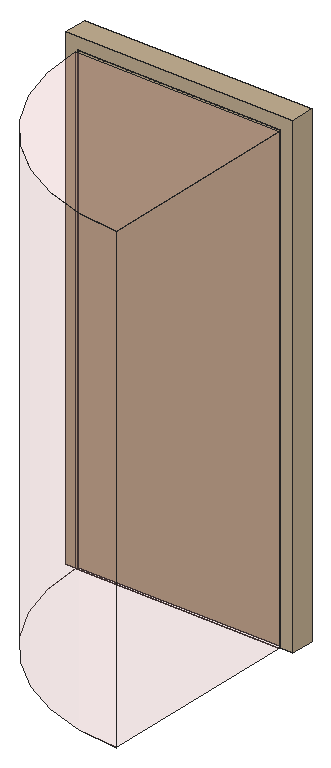
Revit family "ASSA ABLOY - DREW AKUSTIK EI30-1, non-rebated, single-leaf, wood block frame", category Doors, host Wall, Revit 2021
Family settings
  Host = Wall
  OmniClass Number = 23.30.10.00
  OmniClass Title = Doors
  Always vertical = Yes
  Cut with Voids When Loaded = No
  Shared = No
  Room Calculation Point = No
Parameters (values of type "800 x 2000 (808 x 2006)")
  URL = "https://www.assaabloy.com/pl/pl"
  Type Comments = "Wooden leaf core covered both sides with HDF boards or chipboards. Non-rebated door."
  Symbol Radius = Door Leaf Width + 10.000 mm  # 881.250 mm
  Rough Width Conversion = 182.000 mm  # constant formula
  Rough Width Adjustment = 0.000 mm  # constant formula
  Rough Height Real = Height Round + Rough Height Conversion + Rough Height Adjustment  # 2064.000 mm
  Rough Height Conversion = 64.000 mm  # constant formula
  Rough Height Adjustment = 0.000 mm  # constant formula
  Resset Value [instance] = 0.000 mm
  Opening Zone [instance] = yes
  Model = "Doorset_Premium Timber Door/ Wireless Card Reader_ASSA ABLOY Opening Solutions_Hardware 3D"
  Hinges Material = Default steel
  HW Item 8 = "1x Incedo: Access Control Set, incl. HUB AHxx_ASSA ABLOY (option)"
  Frame Finish [instance] = ""
  Fire Rating = "EI30"  # constant formula
  Door Finish Push Side [instance] = ""
  Door Finish Pull Side [instance] = ""
  Width Round = roundup((Width / 5.000 mm)) * 5.000 mm  # 800.000 mm
  Thickness = 57.000 mm  # constant formula
  Smoke Rating = "n/a"
  Rough Width = Width Round + 8.000 mm + Rough Width Conversion + Rough Width Adjustment  # 990.000 mm
  Rough Height = Height Round + 6.000 mm + Rough Height Conversion + Rough Height Adjustment  # 2070.000 mm
  Readme = "The actual lintel height is consistent with the Rough Height parameter.\nThe final HW Set should be consistent with the function of the door and its  parameters.\nHardware mounted on door surface may affect the clear passage opening. For verification, please contact the specification department."
  Provider = "ASSA ABLOY Opening Solutions"
  Product Group = "Single-Wood-Non rebated-Access Control"
  Name = "Premium Timber Door/ Wireless Card Reader"
  Min Door Width = 800.000 mm
  Min Door Height = 2000.000 mm
  Mechanical Strength = 3
  Max Door Width = 900.000 mm
  Max Door Height = 2195.000 mm
  Manufacturer = "ASSA ABLOY"  # constant formula
  IfcExportType = "USERDEFINED"
  IfcExportAs = "IfcDoorType"
  Rough Width Real = Width Round + Rough Width Conversion + Rough Width Adjustment  # 982.000 mm
  Height Round = roundup((Height / 5.000 mm)) * 5.000 mm  # 2000.000 mm
  Hardware Set = "1.22PL"
  HW Item 7 = "1x 206253: Vercy door stopper, max 120 kg_ASSA ABLOY (option) "
  HW Item 6 = "1x SK6 Radius: euro profile cylinder_IKON"
  HW Item 5 = "1x E100 long plate, PZPZ: WIRELESS, built-in RFID reader (pinpad in option) and Bluetooth module_ASSA ABLOY"
  HW Item 4 = "1x EL160: mechanical mortice lockcase with automatic dead locking system_ABLOY"
  HW Item 3 = "1x A153: mechanical opening damper_ASSA ABLOY (option)"
  HW Item 2 = "1x DC893: concealed door closer guide rail_ASSA ABLOY"
  HW Item 1 = "1x DC860/ DC840: concealed door closer, Cam-Motion®_ASSA ABLOY"
  Function = Interior
  Height = 2000.000 mm
  Wall Closure = By host
  Width = 800.000 mm
  Frame Type = "Door frame made of glued wood."
  Frame Material = Default wood
  Family name = "1.22_DOORSET_DREW AKUSTIK Dp 30-1_SINGLE-LEAF_BLOCK FRAME_ASSA ABLOY PL"
  Environmental Product Declaration (EPD) = "To be confirmed with Provider"  # constant formula
  Environmental Management System = "To be confirmed with Provider"  # constant formula
  Edition number = "1"
  Door Type = "DREW AKUSTIK Dp 30-1"
  Door Material = Default wood
  Door Leaf Width = Width Round + 71.250 mm  # 871.250 mm
  Description = "DREW AKUSTIK Dp 30-1, wooden leaf core covered both sides with HDF boards or chipboards. Non-rebated door. Leaf finished with veneer, laminate or RAL painting. Stainless steel hinges with 3D regulation and drop-down seal. Mechanical durability – class C4 according to PN-EN 16034:2014. Mechanical strength – class 3 according to PN-EN 1192:2001. Acoustic rating - Rw=43dB according to PN-EN ISO 10140-2:2011. Door frame made of glued wood."
  Date of publishing = ""
  Contact Provider = "https://www.assaabloy.com/pl/pl/solutions/topics/bim-specification/contact"
  Brand = "ASSA ABLOY Mercor Doors Sp. z o. o."  # constant formula
  Author = "www.archispace.pl"
Types (4, lengths in mm): name | Symbol Radius | Rough Height Real | Width Round | Rough Width | Rough Height | Rough Width Real | Height Round | Height | Width | Door Leaf Width
  800 x 2100 (808 x 2106) | 881.250 | 2164.000 | 800.000 | 990.000 | 2170.000 | 982.000 | 2100.000 | 2100.000 | 800.000 | 871.250
  900 x 2100 (908 x 2106) | 981.250 | 2164.000 | 900.000 | 1090.000 | 2170.000 | 1082.000 | 2100.000 | 2100.000 | 900.000 | 971.250
  900 x 2195 (908 x 2201) | 981.250 | 2259.000 | 900.000 | 1090.000 | 2265.000 | 1082.000 | 2195.000 | 2195.000 | 900.000 | 971.250
  800 x 2000 (808 x 2006) | 881.250 | 2064.000 | 800.000 | 990.000 | 2070.000 | 982.000 | 2000.000 | 2000.000 | 800.000 | 871.250
Reference planes
  plane 1: y = 0
  plane 2 "Center (Left/Right)": x = 0
  plane 3: z = 2070
  plane 4 "Exterior": y = 120
  plane 5 "Interior": y = -120
  plane 6: x = -491
  plane 7: x = 491
  plane 8: z = 2000
  plane 9: x = -495
  plane 10: x = 495
  plane 11: y = -120
  plane 12: y = -18
  plane 13: y = -132
  plane 14: z = 5
  plane 15: y = -142
  plane 16: x = -373
  plane 17: x = 427
  plane 18: z = 2010
  plane 19: y = -57
  plane 20: y = -61
  plane 21: x = 442.5
  plane 22: z = 2064
  plane 23: z = 5
Forms (mm)
  Sweep 1, solid, material "Default wood" <- "Frame Material"
    path origin (0, -120, 0) x (1, 0, 0) y (0, 0, 1)
      loop
        line (-491, 0) -> (-491, 2064) -> (491, 2064) -> (491, 0)
    profile origin (-491, -120, 1032) x (-1, 0, 0) y (0, -1, 0)
      loop
        line (0, 0) -> (-52, 0) -> (-52, -59) -> (-45, -59) -> (-45, -63) -> (-64, -63) -> (-64, -102) -> (0, -102) -> (0, 0)
  Sweep 2, solid, material "Opening zone", visible <- "Opening Zone"
    path origin (-5031, 0, 0) x (-1, 0, 0) y (0, 0, 1)
      loop
        line (-5031, 5) -> (-5031, 2010)
    profile origin (0, 0, 1007.5) x (1, 0, 0) y (0, 1, 0)
      loop
        line (442.5, -132) -> (-438.75, -132)
        arc (-438.75, -132) -> (-180.638, -755.138) -> (442.5, -1013.25) r 881.25
        line (442.5, -1013.25) -> (442.5, -132)
  Sweep 3, solid, material "Default wood" <- "Door Material"
    path origin (-5000, 0, 0) x (-1, 0, 0) y (0, 0, 1)
      loop
        line (-5000, 2010) -> (-5000, 5)
    profile origin (0, 0, 1007.5) x (0, 1, 0) y (-1, 0, 0)
      loop
        line (-119.5, -432.5) -> (-84.5, -432.5) -> (-84.5, -436) -> (-62.5, -436) -> (-62.5, 432.25) -> (-119.5, 435.25) -> (-119.5, -432.5)
Lines and regions (mm)
  Opening 1
    outline origin (-3050, -120, 0) x (1, 0, 0) y (0, 0, 1)
      loop
        line (2555, 0) -> (3545, 0) -> (3545, 2070) -> (2555, 2070) -> (2555, 0)
  Masking region 1, detail levels medium
    outline origin (-1132.682, -300, 2037) x (-1, 0, 0) y (0, -1, 0)
      loop
        line (-641.682, -282) -> (-641.682, -180) -> (-705.682, -180) -> (-705.682, -282) -> (-641.682, -282)
      loop
        line (-1623.682, -180) -> (-1623.682, -282) -> (-1559.682, -282) -> (-1559.682, -180) -> (-1623.682, -180)
  Masking region 2, detail levels fine
    outline origin (-1132.682, -300, 2037) x (-1, 0, 0) y (0, -1, 0)
      loop
        line (-641.682, -282) -> (-641.682, -180) -> (-693.682, -180) -> (-693.682, -239) -> (-686.682, -239) -> (-686.682, -243) -> (-705.682, -243) -> (-705.682, -282) -> (-641.682, -282)
      loop
        line (-1623.682, -282) -> (-1559.682, -282) -> (-1559.682, -243) -> (-1578.682, -243) -> (-1578.682, -239) -> (-1571.682, -239) -> (-1571.682, -180) -> (-1623.682, -180) -> (-1623.682, -282)
  Masking region 3, detail levels fine
    outline origin (-1132.682, -300, 2037) x (-1, 0, 0) y (0, -1, 0)
      loop
        circle (-1575.182, -168) r 11
  symbolic lines, style "Elevation Swing"
    curve 1: line (474.75, -120, 1035) -> (-491, -120, 2064)
    curve 2: line (474.75, -120, 1035) -> (-491, -120, 5)
Text (mm)
  text "Exterior" at (-1376.75, 1099.543, 0), in view "Ref. Level"
  text "Exterior" at (0, 1615.38, 3698.081), in view "Left"
  text "Exterior" at (0, 1036.032, 3874.932), in view "Right"
Dimensions and locks
  "Rough Height": plane 3 to host wall
  equal spacing: host wall, curve 2, plane 3
  host wall to plane 3 = 2070.000 mm
  locked: plane 4 "Exterior" to host wall
  locked: plane 5 "Interior" to host wall
  equal spacing: plane 6, plane 2 "Center (Left/Right)", plane 7
  "Rough Width Real": plane 6 to plane 7
  "Height": plane 8 to level
  equal spacing: plane 9, plane 2 "Center (Left/Right)", plane 10
  "Rough Width": plane 9 to plane 10
  Masking region 2 sketch curve to plane 7 = 64.000 mm
  plane 9 to plane 10 = 990.000 mm
  locked: Masking region 1 sketch curve to Masking region 1 sketch curve at 64
  locked: Masking region 1 sketch curve to plane 7 at 64
  locked: level to Sweep 3 sketch curve at 5
  "Resset Value": plane 5 "Interior" to plane 11
  locked: plane 12 to plane 11 at 102
  locked: Masking region 2 sketch curve to Masking region 2 sketch curve at 64
  locked: Masking region 2 sketch curve to Masking region 2 sketch curve at 12
  locked: plane 11 to plane 13 at 12
  Sweep 1 sketch curve to Sweep 1 sketch curve = 64.000 mm
  locked: Masking region 2 sketch curve to Masking region 2 sketch curve at 63
  locked: Sweep 3 sketch curve to plane 11 at 0.5
  locked: Sweep 3 sketch curve to Sweep 3 sketch curve at 57
  Sweep 1 to Sweep 1 = 64.000 mm
  locked: plane 15 to plane 13 at 10
  level to plane 3 = 2070.000 mm
  plane 8 to level = 2000.000 mm  (x2)
  locked: plane 6 to plane 16 at 118
  locked: plane 17 to plane 7 at 64
  locked: plane 6 to Masking region 2 sketch curve at 52
  locked: plane 6 to Masking region 2 sketch curve at 45
  locked: Masking region 2 sketch curve to plane 7 at 52
  locked: Masking region 2 sketch curve to plane 7 at 45
  locked: plane 20 to plane 11 at 59
  locked: plane 19 to plane 20 at 4
  locked: Sweep 3 sketch curve to plane 7 at 55
  locked: Sweep 3 sketch curve to plane 7 at 58.5
  Sweep 3 sketch curve to plane 11 = 35.500 mm
  locked: plane 21 to plane 7 at 48.5
  "Rough Height Real": plane 22 to level
  locked: plane 22 to plane 18 at 54
  locked: plane 23 to level at 5
  locked: plane 6 to Sweep 1 sketch curve at 45
  locked: plane 6 to Sweep 1 sketch curve at 52
  locked: plane 6 to Sweep 3 sketch curve at 58.75
  locked: plane 6 to Sweep 3 sketch curve at 55.75
  "Symbol Radius": radius of Sweep 2 sketch curve
  aligned and locked: Opening 1 sketch curve to level
  aligned and locked: plane 1 to host wall
  aligned and locked: level to Sweep 1 sketch curve  (x2)
  aligned and locked: Sweep 1 sketch curve to plane 6
  aligned and locked: plane 7 to Sweep 1 sketch curve
  aligned and locked: Masking region 2 sketch curve to plane 7
  aligned and locked: plane 9 to Opening 1 sketch curve
  aligned and locked: plane 10 to Opening 1 sketch curve
  aligned and locked: Masking region 1 sketch curve to plane 12
  aligned and locked: plane 11 to Masking region 1 sketch curve
  aligned and locked: plane 12 to Masking region 1 sketch curve
  aligned and locked: Masking region 1 sketch curve to plane 11
  aligned and locked: plane 12 to Sweep 1 sketch curve
  aligned and locked: Sweep 1 sketch curve to plane 11
  aligned and locked: Masking region 2 sketch curve to Masking region 1
  aligned and locked: Masking region 1 to Masking region 2 sketch curve
  aligned and locked: Masking region 2 sketch curve to plane 6
  aligned and locked: Masking region 1 sketch curve to plane 6
  aligned and locked: plane 13 to Masking region 3 sketch curve
  aligned and locked: Masking region 1 sketch curve to plane 7
  aligned and locked: Masking region 2 sketch curve to plane 11
  aligned and locked: plane 20 to Masking region 2 sketch curve
  aligned and locked: Masking region 2 sketch curve to plane 19
  aligned and locked: plane 19 to Masking region 2 sketch curve
  aligned and locked: Masking region 2 sketch curve to plane 20
  aligned and locked: plane 21 to Masking region 3 sketch curve
  aligned and locked: Sweep 2 sketch curve to Sweep 2 sketch curve
  aligned and locked: plane 21 to Sweep 2 sketch curve
  aligned and locked: plane 13 to Sweep 2 sketch curve
  aligned and locked: Sweep 1 sketch curve to plane 22
  aligned and locked: plane 18 to Sweep 3 sketch curve
  aligned and locked: plane 18 to Sweep 2 sketch curve
  aligned and locked: plane 2 "Center (Left/Right)" to Sweep 2 sketch curve
  aligned and locked: plane 23 to Sweep 2 sketch curve
  aligned and locked: plane 20 to Sweep 1 sketch curve
  aligned and locked: Sweep 1 sketch curve to plane 19
  aligned and locked: nested 1 to plane 2 "Center (Left/Right)"
  aligned and locked: nested 1 to plane 11
  aligned and locked: plane 6 to curve 1
  aligned and locked: plane 22 to curve 1
  aligned and locked: plane 6 to curve 2
  aligned and locked: plane 23 to curve 2
Automatic sketch dimensions
  Opening 1 sketch curve to plane 3 = 0.000 mm
  Sweep 3 sketch curve to plane 2 "Center (Left/Right)" = 0.000 mm
  Sweep 1 sketch curve to profile plane = 0.000 mm
  plane 7 to curve 2 = 16.250 mm
  radius of Masking region 3 sketch curve = 11.000 mm
Nested families
  nested 1: "Detail_Door symbol" at (0, -120, 2037), type "Detail_Door symbol"
Definition of nested family "Detail_Door symbol"
  Parameters (values of type "Detail_Door symbol")
    Symbol Radius = 981.250 mm
    Rough Width = 1082.000 mm
    Door Leaf Width = 971.250 mm
  Reference planes
    plane 1 "Center (Front/Back)": y = 0
    plane 2: z = 0
    plane 3 "Center (Left/Right)": x = 0
    plane 4: x = 541
    plane 5: x = -541
    plane 6: y = -12
    plane 7: x = 492.5
    plane 8: y = -22
    plane 9: y = -25.5
    plane 10: y = -993.25
    plane 11: x = 480
    plane 12: x = 423
    plane 13: x = 448
    plane 14: y = -990.25
  Lines and regions (mm)
    Filled region 1, type "Solid Fill - White", in view "Ref. Level", detail levels fine
      outline origin (-28.5, 43.059, 0) x (0, 1, 0) y (-1, 0, 0)
        loop
          line (-68.559, -508.5) -> (-68.559, -476.5) -> (-65.059, -476.5) -> (-65.059, -451.5) -> (-1033.309, -451.5) -> (-1036.309, -508.5) -> (-68.559, -508.5)
    Filled region 2, type "Solid Fill - White", in view "Ref. Level", detail levels medium
      outline origin (-28.5, 43.059, 0) x (0, 1, 0) y (-1, 0, 0)
        loop
          line (-65.059, -508.5) -> (-65.059, -451.5) -> (-1036.309, -451.5) -> (-1036.309, -508.5) -> (-65.059, -508.5)
    detail lines, in view "Ref. Level"
      curve 1: arc (492.5, -993.25, 0) -> (-201.349, -705.849, 0) -> (-488.75, -12, 0) r 981.25
    detail lines, in view "Ref. Level", detail levels coarse
      curve 2: line (492.5, -993.25, 0) -> (492.5, -12, 0)
  Dimensions and locks
    equal spacing: plane 4, plane 3 "Center (Left/Right)", plane 5
    "Rough Width": plane 4 to plane 5
    locked: plane 4 to plane 7 at 48.5
    locked: plane 8 to plane 9 at 3.5
    "Door Leaf Width": plane 10 to plane 8
    plane 8 to plane 6 to plane 1 "Center (Front/Back)" = 10.000 mm locked, 12.000 mm locked
    plane 4 to plane 11 = 61.000 mm
    locked: plane 11 to plane 12 at 57
    locked: plane 13 to plane 12 at 25
    locked: plane 7 to plane 11 at 12.5
    locked: plane 10 to plane 14 at 3
    "Symbol Radius": radius of curve 1
    aligned and locked: curve 1 to plane 7
    aligned and locked: curve 1 to plane 6
    aligned and locked: plane 11 to Filled region 1 sketch curve
    aligned and locked: Filled region 1 sketch curve to plane 12
    aligned and locked: Filled region 2 sketch curve to plane 8
    aligned and locked: Filled region 2 sketch curve to plane 12
    aligned and locked: plane 11 to Filled region 2 sketch curve
    aligned and locked: Filled region 2 sketch curve to plane 10
    aligned and locked: Filled region 1 sketch curve to plane 13
    aligned and locked: Filled region 1 sketch curve to plane 8
    aligned and locked: plane 9 to Filled region 1 sketch curve
    aligned and locked: plane 14 to Filled region 1 sketch curve
    aligned and locked: plane 10 to Filled region 1 sketch curve
  Automatic sketch dimensions
    curve 2 to plane 6 = 0.000 mm
